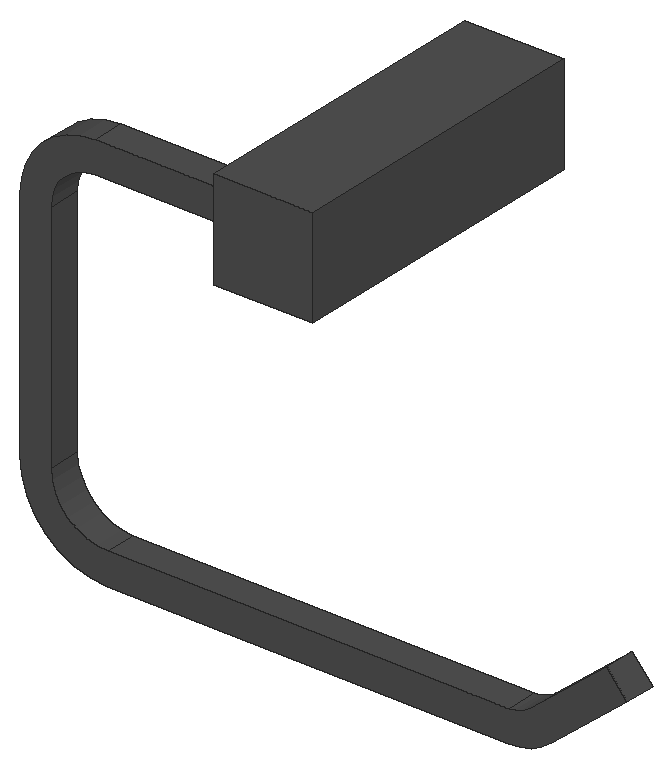
Revit family "Reece_Accessory_Mizu_Bloc MK2_Toilet Roll Holder", category Plumbing Fixtures, host Face, Revit 2018
Family settings
  Host = Face
  Round Connector Dimension = Use Diameter
  Part Type = Normal
  Cut with Voids When Loaded = Yes
  Shared = Yes
  Room Calculation Point = Yes
Parameters (values of type "Matte Black")
  URL = "https://www.reece.com.au/product/-9508784"
  Type Comments = "Accessory"
  Reece_Product_Web Page = "https://www.reece.com.au/product/-9508784"
  Reece_Product_Type = "Accessory"  # constant formula
  Reece_Product_Sub Brand = "Bloc MK2"  # constant formula
  Reece_Product_Number = "9508784"
  Reece_Product_Mount = "Wall Mounted"
  Reece_Product_Description = "Mizu Bloc MK2 Toilet Roll Holder Matte Black"
  Reece_Product_Brand = "Mizu"  # constant formula
  Reece_Overall_Width = 79 mm  # constant formula
  Reece_Overall_Length = 153.1 mm  # constant formula
  Reece_Overall_Height = 108.5 mm  # constant formula
  Reece_Material_Main = Reece_Brass_Matte Black
  Reece_Height_From_Level [instance] = 500 mm
  Reece_Detail_Installation = "Wall Mounted"  # constant formula
  Reece_Detail_Disclaimer = "THIS FILE IS THE PROPERTY OF THE REECE GROUP. IT MAY NOT BE REPRODUCED, REVERSE-ENGINEERED OR MODIFIED. ANY REPUBLICATION, TRANSMISSION OR DISTRIBUTION FOR THE PURPOSE OF COMMERCIALLY EXPLOITING THE FILES IS PROHIBITED."  # constant formula
  Reece_Detail_Additional = "Toilet Roll Holder"  # constant formula
  Model = "Bloc MK2"
  Manufacturer = "Mizu"
  Keynote = "Product #9508784, Reece_Accessory_Mizu_Bloc MK2_Toilet Roll Holder - Matte Black"
  Disclaimer = "THIS FILE IS THE PROPERTY OF THE REECE GROUP. IT MAY NOT BE REPRODUCED, REVERSE-ENGINEERED OR MODIFIED. ANY REPUBLICATION, TRANSMISSION OR DISTRIBUTION FOR THE PURPOSE OF COMMERCIALLY EXPLOITING THE FILES IS PROHIBITED."  # constant formula
  Description = "Mizu Bloc MK2 Toilet Roll Holder Matte Black"
  Default Elevation = 0 mm
Types (3, lengths in mm): name | URL | Reece_Product_Web Page | Reece_Product_Number | Reece_Product_Description | Reece_Material_Main | Keynote | Description
  (no name) | "https://www.reece.com.au/product/-2263384" | "https://www.reece.com.au/product/-2263384" | "2263384" | "Mizu Bloc MK2 Toilet Roll Holder Chrome" | Reece_Brass_Chrome | "Product #2263384, Reece_Accessory_Mizu_Bloc MK2_Toilet Roll Holder -  " | "Mizu Bloc MK2 Toilet Roll Holder Chrome"
  Chrome | "https://www.reece.com.au/product/-2263384" | "https://www.reece.com.au/product/-2263384" | "2263384" | "Mizu Bloc MK2 Toilet Roll Holder Chrome" | Reece_Brass_Chrome | "Product #2263384, Reece_Accessory_Mizu_Bloc MK2_Toilet Roll Holder - Chrome" | "Mizu Bloc MK2 Toilet Roll Holder Chrome"
  Matte Black | "https://www.reece.com.au/product/-9508784" | "https://www.reece.com.au/product/-9508784" | "9508784" | "Mizu Bloc MK2 Toilet Roll Holder Matte Black" | Reece_Brass_Matte Black | "Product #9508784, Reece_Accessory_Mizu_Bloc MK2_Toilet Roll Holder - Matte Black" | "Mizu Bloc MK2 Toilet Roll Holder Matte Black"
Reference planes
  plane 1 "Center (Front/Back)": y = 0
  plane 2 "Bottom Host Plane": z = -5
  plane 3 "Center (Left/Right)": x = 0
  plane 4 "Height From Floor": z = 500
  plane 5: y = -67
  plane 6: y = -79
  plane 7: z = 512.5
  plane 8: z = 487.5
  plane 9: x = -76.55
  plane 10: x = 76.55
  plane 11: z = 404
  plane 12: x = -8.783
Forms (mm)
  Sweep 1, solid, material "Reece_Brass_Matte Black" <- "Reece_Material_Main"
    path origin (-15.825, -67, 500) x (-1, 0, 0) y (0, 0, 1)
      loop
        line (-7.042, 0) -> (41.725, 0)
        arc (41.725, 0) -> (52.332, -4.393) -> (56.725, -15) r 15
        line (56.725, -15) -> (56.725, -74)
        arc (56.725, -74) -> (51.453, -86.728) -> (38.725, -92) r 18
        line (38.725, -92) -> (-62.464, -92)
        arc (-62.464, -92) -> (-66.91, -91.216) -> (-70.82, -88.959) r 13
        line (-70.82, -88.959) -> (-89.837, -73.001)
    profile origin (-33.166, -67, 500) x (0, 0, 1) y (0, 1, 0)
      loop
        line (-4, -4) -> (4, -4) -> (4, 4) -> (-4, 4) -> (-4, -4)
  Extrusion 2, solid, material "Reece_Brass_Matte Black" <- "Reece_Material_Main"
    sketch origin (-8.783, 0, 500) x (1, 0, 0) y (0, 0, 1)
      loop
        line (-12.5, -12.5) -> (12.5, -12.5) -> (12.5, 12.5) -> (-12.5, 12.5) -> (-12.5, -12.5)
    from 0 to 79
Cuts and joins
  joined: Sweep 1, Extrusion 2
Lines and regions (mm)
  model lines, style "InvisibleLines"
    curve 1: line (0, 0, -5) -> (0, 0, 500)
Text (mm)
  text "Reece ©" at (2668.853, -2395.367, 2952.593), in view "Reece Preview"
  text "Reece Copyright © 2018, Reece Ltd." at (-247.475, -190.626, 0), in view "Ref. Level"
Dimensions and locks
  plane 2 "Bottom Host Plane" to level = 5 mm
  locked: level to plane 2 "Bottom Host Plane" at 5
  "Reece_Height_From_Level": plane 4 "Height From Floor" to level
  locked: plane 7 to plane 4 "Height From Floor" at 12.5
  locked: plane 4 "Height From Floor" to plane 8 at 12.5
  "Reece_Overall_Height": plane 7 to plane 11
  "Reece_Overall_Length": plane 9 to plane 10
  plane 3 "Center (Left/Right)" to plane 12 = 8.783 mm
  "Reece_Overall_Width": plane 1 "Center (Front/Back)" to plane 6
  aligned and locked: plane 2 "Bottom Host Plane" to curve 1
  aligned and locked: plane 4 "Height From Floor" to curve 1
  aligned and locked: plane 7 to Extrusion 2
  aligned and locked: Extrusion 2 to plane 8
  aligned and locked: plane 4 "Height From Floor" to Sweep 1 sketch curve
Automatic sketch dimensions
  plane 3 "Center (Left/Right)" to curve 1 = 0 mm
  Sweep 1 sketch curve to plane 3 "Center (Left/Right)" = 8.783 mm
  Sweep 1 sketch curve to Sweep 1 sketch curve = 8.356 mm
  plane 9 to Sweep 1 sketch curve = 22 mm
  plane 9 to Sweep 1 sketch curve = 19 mm
  Sweep 1 sketch curve to Sweep 1 sketch curve = 59 mm
  Sweep 1 sketch curve to Sweep 1 sketch curve = 13 mm
  plane 10 to Sweep 1 sketch curve = 2.538 mm
  Sweep 1 sketch curve to Sweep 1 sketch curve = 15.957 mm
  profile plane to Sweep 1 sketch curve = 4 mm  (x2)
  Sweep 1 sketch curve to profile plane = 4 mm  (x2)
  Extrusion 2 sketch curve to plane 3 "Center (Left/Right)" = 21.283 mm
  plane 3 "Center (Left/Right)" to Extrusion 2 sketch curve = 3.717 mm
  plane 2 "Bottom Host Plane" to Extrusion 2 sketch curve = 492.5 mm
  level to Extrusion 2 sketch curve = 512.5 mm
  plane 9 to Sweep 1 sketch curve = 4 mm
